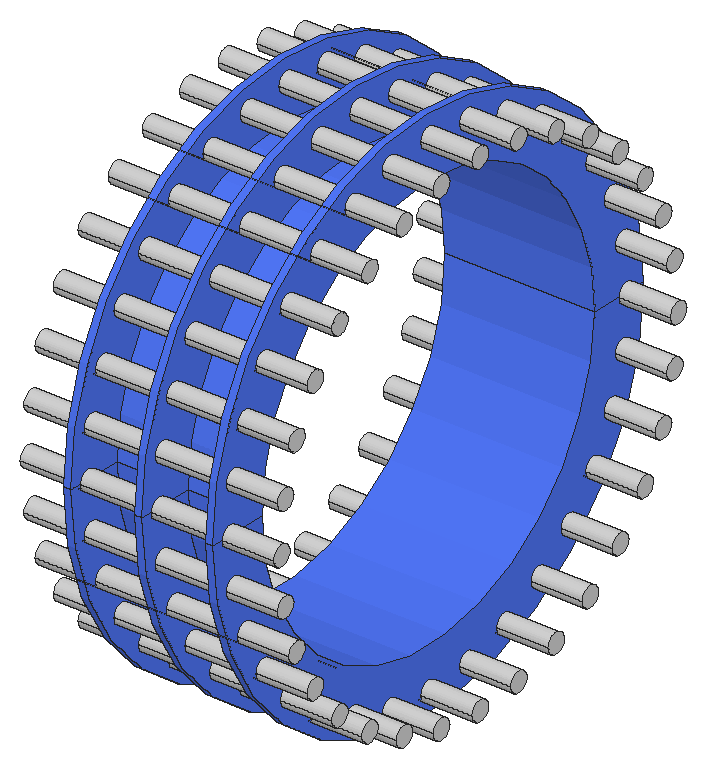
Revit family "873-00-002-DN1100-1200", category Generic Models, Revit 2019
Family settings
  Can host rebar = No
  Round Connector Dimension = Use Diameter
  Part Type = Normal
  Work Plane-Based = No
  Always vertical = Yes
  Cut with Voids When Loaded = No
  Shared = No
  Room Calculation Point = No
Parameters (values of type "DN1100")
  d2 = size_lookup(Search_table, "d2", 0 mm, DN) / 2  # 710 mm
  d1 = size_lookup(Search_table, "d1", 0 mm, DN)  # 1310 mm
  URL product pages = "https://www.avkvalves.com/P.aspx?no=873110000741000"
  T = size_lookup(Search_table, "T", 0 mm, DN)  # 52 mm
  L = size_lookup(Search_table, "L", 0 mm, DN)  # 670 mm
  Id(Radius) = DN / 2  # 550 mm
  Flange_thickness = 20 mm  # constant formula
  Description_ = "AVK DISMANTLING JOINT"
  DN = 1100 mm
  Search_table = "873-00-002-DN1100-1200"
  Body_Wallthicknss = 10 mm  # constant formula
  Angle = 22.50°  # constant formula
  A = size_lookup(Search_table, "A", 0 mm, DN)  # 395 mm
  873-1200-00-741000 = "DN1200_PN25"
  873-1100-00-741000 = "DN1100_PN25"
Types (3, lengths in mm): name | d2 | d1 | L | Id(Radius) | DN | A
  (no name) | 710 | 1310 | 670 | 550 | 1100 | 395
  DN1100 | 710 | 1310 | 670 | 550 | 1100 | 395
  DN1200 | 765 | 1420 | 700 | 600 | 1200 | 425
Reference planes
  plane 1 "Center (Front/Back)": y = 0
  plane 2: z = 0
  plane 3 "Center (Left/Right)": x = 0
  plane 4: y = 32.5
  plane 5: y = -30
  plane 6: z = 655
  plane 7: z = -655
  plane 8: y = 655
  plane 9: y = -655
  plane 10: x = -335
  plane 11: x = 335
  plane 12: through (0, 0, 0) normal (0, 0.9808, 0.1951)
  plane 13: through (0, 0, 0) normal (0, 0.9239, 0.3827)
  plane 14: through (0, 0, 0) normal (0, 0.8315, 0.5556)
  plane 15: through (0, 0, 0) normal (0, 0.7071, 0.7071)
  plane 16: through (0, 0, 0) normal (0, 0.3827, 0.9239)
  plane 17: through (0, 0, 0) normal (0, 0.9808, -0.1951)
  plane 18: through (0, 0, 0) normal (0, 0.9239, -0.3827)
  plane 19: through (0, 0, 0) normal (0, 0.8315, -0.5556)
  plane 20: through (0, 0, 0) normal (0, 0.5556, -0.8315)
  plane 21: through (0, 0, 0) normal (0, 0.3827, -0.9239)
  plane 22: through (0, 0, 0) normal (0, 0.5556, 0.8315)
  plane 23: through (0, 0, 0) normal (0, 0.7071, -0.7071)
  plane 24: through (0, 0, 0) normal (0, 0.1951, 0.9808)
  plane 25: through (0, 0, 0) normal (0, 0.1951, -0.9808)
  plane 26: x = -197.5
  plane 27: x = 197.5
  plane 28: z = 710
  plane 29: z = -710
Forms (mm)
  Revolve 1, solid, material "Plastic"
    sketch origin (0, 0, 0) x (1, 0, 0) y (0, 1, 0)
      loop
        line (-177.5, 710) -> (-197.5, 710) -> (-197.5, 550) -> (197.5, 550) -> (197.5, 710) -> (177.5, 710) -> (177.5, 560) -> (10, 560) -> (10, 710) -> (-10, 710) -> (-10, 560) -> (-177.5, 560) -> (-177.5, 710)
      axis (-197.5, 0) -> (197.5, 0)
    angle from 0 to 360
  Extrusion 2, solid, material "Stainless Steel AISI 304"
    sketch origin (0, 0, 0) x (0, 1, 0) y (0, 0, 1)
      loop
        circle (0, 655) r 26
      loop
        circle (-655, 0) r 26
      loop
        circle (0, -655) r 26
      loop
        circle (655, 0) r 26
      loop
        circle (250.658, 605.141) r 26
      loop
        circle (-250.658, -605.141) r 26
      loop
        circle (127.784, 642.414) r 26
      loop
        circle (-127.784, -642.414) r 26
      loop
        circle (363.899, 544.613) r 26
      loop
        circle (463.155, 463.155) r 26
      loop
        circle (544.613, 363.899) r 26
      loop
        circle (605.141, 250.658) r 26
      loop
        circle (642.414, 127.784) r 26
      loop
        circle (642.414, -127.784) r 26
      loop
        circle (605.141, -250.658) r 26
      loop
        circle (544.613, -363.899) r 26
      loop
        circle (463.155, -463.155) r 26
      loop
        circle (363.899, -544.613) r 26
      loop
        circle (250.658, -605.141) r 26
      loop
        circle (127.784, -642.414) r 26
      loop
        circle (-363.899, -544.613) r 26
      loop
        circle (-463.155, -463.155) r 26
      loop
        circle (-544.613, -363.899) r 26
      loop
        circle (-605.141, -250.658) r 26
      loop
        circle (-642.414, -127.784) r 26
      loop
        circle (-642.414, 127.784) r 26
      loop
        circle (-605.141, 250.658) r 26
      loop
        circle (-544.613, 363.899) r 26
      loop
        circle (-463.155, 463.155) r 26
      loop
        circle (-363.899, 544.613) r 26
      loop
        circle (-250.658, 605.141) r 26
      loop
        circle (-127.784, 642.414) r 26
    from -335 to 335
Dimensions and locks
  "Flange_thickness": Revolve 1 sketch curve to Revolve 1 sketch curve  (x3)
  equal spacing: Revolve 1 sketch curve, plane 3 "Center (Left/Right)", Revolve 1 sketch curve  (x2)
  "A": Revolve 1 sketch curve to Revolve 1 sketch curve
  "Id(Radius)": plane 1 "Center (Front/Back)" to Revolve 1 sketch curve
  "Body_Wallthicknss": Revolve 1 sketch curve to Revolve 1 sketch curve
  "d2": plane 1 "Center (Front/Back)" to Revolve 1 sketch curve
  equal spacing: plane 6, level, plane 7
  equal spacing: plane 8, plane 1 "Center (Front/Back)", plane 9
  "d1": plane 8 to plane 9
  "d1": plane 6 to plane 7
  equal spacing: plane 11, plane 3 "Center (Left/Right)", plane 10
  "L": plane 11 to plane 10
  equal spacing: Extrusion 2 sketch curve, level, Extrusion 2 sketch curve
  "d1": Extrusion 2 sketch curve to Extrusion 2 sketch curve  (x16)
  equal spacing: Extrusion 2 sketch curve, plane 1 "Center (Front/Back)", Extrusion 2 sketch curve
  equal spacing: Extrusion 2 sketch curve, plane 24, Extrusion 2 sketch curve
  equal spacing: Extrusion 2 sketch curve, plane 16, Extrusion 2 sketch curve
  equal spacing: Extrusion 2 sketch curve, plane 22, Extrusion 2 sketch curve
  equal spacing: Extrusion 2 sketch curve, plane 15, Extrusion 2 sketch curve
  equal spacing: Extrusion 2 sketch curve, plane 14, Extrusion 2 sketch curve
  equal spacing: Extrusion 2 sketch curve, plane 13, Extrusion 2 sketch curve
  equal spacing: Extrusion 2 sketch curve, plane 12, Extrusion 2 sketch curve
  equal spacing: Extrusion 2 sketch curve, plane 17, Extrusion 2 sketch curve
  equal spacing: Extrusion 2 sketch curve, plane 18, Extrusion 2 sketch curve
  equal spacing: Extrusion 2 sketch curve, plane 19, Extrusion 2 sketch curve
  equal spacing: Extrusion 2 sketch curve, plane 23, Extrusion 2 sketch curve
  equal spacing: Extrusion 2 sketch curve, plane 20, Extrusion 2 sketch curve
  equal spacing: Extrusion 2 sketch curve, plane 21, Extrusion 2 sketch curve
  equal spacing: Extrusion 2 sketch curve, plane 25, Extrusion 2 sketch curve
  equal spacing: plane 27, plane 3 "Center (Left/Right)", plane 26
  "A": plane 27 to plane 26
  plane 6 to plane 7 = 1310 mm
  plane 28 to plane 29 = 1420 mm
  "d2": level to plane 29
  equal spacing: plane 28, level, plane 29
  "T": diameter of Extrusion 2 sketch curve  (x32)
  equal spacing: plane 1 "Center (Front/Back)", plane 17, plane 18, plane 19, plane 23, plane 20, plane 21, plane 25, level
  equal spacing: level, plane 24, plane 16, plane 22, plane 15, plane 14, plane 13, plane 12, plane 1 "Center (Front/Back)"
  aligned and locked: level to plane 2
  aligned and locked: Revolve 1 sketch curve to Revolve 1 sketch curve  (x3)
  aligned and locked: plane 1 "Center (Front/Back)" to Revolve 1 sketch curve
  aligned and locked: Extrusion 2 to plane 10
  aligned and locked: Extrusion 2 to plane 11
Automatic sketch dimensions
  Revolve 1 sketch curve to plane 3 "Center (Left/Right)" = 37.5 mm
  plane 3 "Center (Left/Right)" to Revolve 1 sketch curve = 37.5 mm
  plane 25 to Extrusion 2 sketch curve = 0 mm  (x2)
  Extrusion 2 sketch curve to plane 24 = 0 mm  (x2)
  Extrusion 2 sketch curve to plane 16 = 0 mm  (x2)
  plane 21 to Extrusion 2 sketch curve = 0 mm  (x2)
  plane 20 to Extrusion 2 sketch curve = 0 mm  (x2)
  Extrusion 2 sketch curve to plane 22 = 0 mm  (x2)
  plane 23 to Extrusion 2 sketch curve = 0 mm  (x2)
  Extrusion 2 sketch curve to plane 15 = 0 mm  (x2)
  plane 19 to Extrusion 2 sketch curve = 0 mm  (x2)
  Extrusion 2 sketch curve to plane 14 = 0 mm  (x2)
  plane 18 to Extrusion 2 sketch curve = 0 mm  (x2)
  Extrusion 2 sketch curve to plane 13 = 0 mm  (x2)
  Extrusion 2 sketch curve to plane 12 = 0 mm  (x2)
  plane 17 to Extrusion 2 sketch curve = 0 mm  (x2)
  Extrusion 2 sketch curve to plane 1 "Center (Front/Back)" = 0 mm  (x2)
  Extrusion 2 sketch curve to level = 0 mm  (x2)
Nested families
  nested 1: "LOGO 4" at (106.9, -534.117, 168.283) x (1, 0, 0) z (0, -0.9538, 0.3005), type "LOGO 4"
Connectors
  piping at (197.5, 0, 0), diameter 1100, driven by "DN"
    settings: on Revolve 1, index 1, connector inside diameter 609.6 mm, connector length 0 mm, flow factor 0, pipe flow 0.0 L/s, pressure drop 0.0 Pa, fitting loss kfactor 0, connector angle 0.00°, fixture units 0, engagement length 0 mm, angle of deflection 0.00°, flow configuration 0, flow direction 0, fitting loss method 0, system type 7, joint type 0, gender type 0, connector reference index -1, connector utility 0, adjustable connector no, is connector primary yes, connector description ""
  piping at (-197.5, 0, 0), diameter 1100, driven by "DN"
    settings: on Revolve 1, index 2, connector inside diameter 609.6 mm, connector length 0 mm, flow factor 0, pipe flow 0.0 L/s, pressure drop 0.0 Pa, fitting loss kfactor 0, connector angle 0.00°, fixture units 0, engagement length 0 mm, angle of deflection 0.00°, flow configuration 0, flow direction 0, fitting loss method 0, system type 7, joint type 0, gender type 0, connector reference index -1, connector utility 0, adjustable connector no, is connector primary no, connector description ""
Definition of nested family "LOGO 4"
  Parameters
    Default Elevation = 1219.2 mm
  Reference planes
    plane 1 "Center (Front/Back)": y = 0
    plane 2: z = 0
    plane 3 "Center (Left/Right)": x = 0
  Forms (mm)
    Extrusion 1, solid
      sketch origin (0, 0, 0) x (1, 0, 0) y (0, 1, 0)
        loop
          line (-1219.2, 1219.2) -> (-1219.2, -1219.2) -> (1219.2, -1219.2) -> (1219.2, 1219.2) -> (-1219.2, 1219.2)
      from 0 to -304.8
    Extrusion 2, solid
      sketch origin (0, 0, 0) x (1, 0, 0) y (0, 1, 0)
        loop
          line (-13.414, 47.067) -> (-49.421, 47.067) -> (-49.421, 37.301) -> (-20.11, 37.301) -> (-4.923, 0) -> (4.923, 0) -> (20.11, 37.301) -> (49.421, 37.301) -> (49.421, 47.067) -> (13.414, 47.067) -> (0, 14.12) -> (-13.414, 47.067)
        loop
          line (-49.421, 24.122) -> (-40.161, 24.122) -> (-49.421, 0) -> (-38.959, 0) -> (-36.972, 5.177) -> (-21.641, 5.177) -> (-19.533, 0) -> (-8.989, 0) -> (-22.642, 33.536) -> (-49.421, 33.536) -> (-49.421, 24.122)
        loop
          line (-34.548, 14.12) -> (-25.282, 14.12) -> (-30.051, 25.833) -> (-34.548, 14.12)
        loop
          line (22.642, 33.536) -> (8.989, 0) -> (19.533, 0) -> (24.902, 13.186) -> (34.838, 0) -> (47.067, 0) -> (35.829, 14.914)
          arc (35.829, 14.914) -> (42.384, 18.149) -> (46.597, 24.122) r 14.826
          line (46.597, 24.122) -> (49.421, 24.122) -> (49.421, 33.536) -> (40.007, 33.536)
          arc (40.007, 33.536) -> (36.577, 25.039) -> (28.208, 21.306) r 12.238
          line (28.208, 21.306) -> (33.187, 33.536) -> (22.642, 33.536)
      from 0 to 1
  Dimensions and locks
    aligned and locked: plane 2 to Extrusion 1
    aligned and locked: level to Extrusion 1
